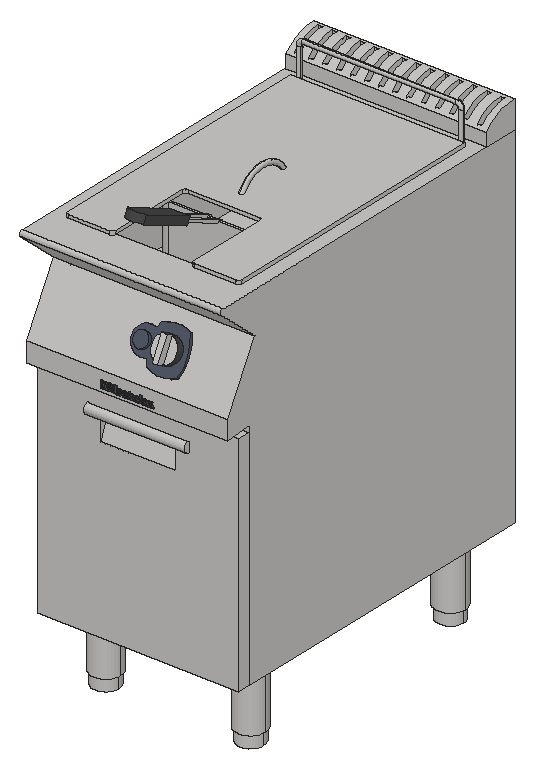
Revit family "QF_ELECTROLUXPROFESSIONAL_371070_E7FRGD1GF0", category Specialty Equipment, Revit 2018
Family settings
  Round Connector Dimension = Use Diameter
  Part Type = Normal
  Work Plane-Based = No
  Always vertical = Yes
  Cut with Voids When Loaded = No
  Shared = No
  Room Calculation Point = No
Parameters
  Width = 400 mm  # constant formula
  Weight in Pounds = 121  # constant formula
  Watts = 0 W
  URL Cutsheet = "www.electrolux.com/foodservice"
  URL = "www.electrolux.com/foodservice"
  Type Mark [instance] = ""
  Status [instance] = ""
  Specification by User [instance] = ""
  Specification by Manufacturer = ""
  Show Logo [instance] = yes
  Show Clearance [instance] = yes
  Serial Number = ""
  Seismic Rating = ""
  SMACNA No = ""
  Revision Code [instance] = ""
  Omniclass Number and Title = ""
  NAFEM Spec ID Number = ""
  Model = "371070"
  Mechanical Remarks [instance] = ""
  Mechanical Connection Type [instance] = ""
  Masterspec = ""
  Manufacturer = "ELECTROLUX"
  Item Number [instance] = ""
  Installed By [instance] = ""
  Identify Quantity as Lot [instance] = yes
  Height = 333 mm  # constant formula
  HP = "0 HP"
  Gas Size = 12.7 mm  # 1/2"
  Gas RI Height [instance] = 0 mm
  Gas KW [instance] = 14  # constant formula
  Gas Input [instance] = 13987.1 VA  # 47726.0 Btu/h
  Gas Connection Height = 0 mm
  Furnished By [instance] = ""
  Foodservice Equipment Identifier [instance] = yes
  Direct Waste Size = 0"
  Description = "700XP One 15 Lt. Wells Freestanding Gas Fryer - LPG/Natural Gas"
  Depth = 730 mm  # constant formula
  CSI MasterFormat = ""
  CSI Master Format = ""
  Base Height [instance] = 150 mm  # constant formula
Reference planes
  plane 1 "BACK": y = 0
  plane 2: z = 0
  plane 3 "LEFT": x = 0
  plane 4 "RIGHT": x = 400
  plane 5 "FRONT": y = -730
  plane 6 "TOP": z = 905.238
  plane 7 "Center Y": x = 200
  plane 8 "Center X": y = -365
  plane 9 "BASE": z = 601
  plane 10 "TOP A": z = 850.238
  plane 11: y = -587.387
  plane 12: y = -90
  plane 13: z = 150
Forms (mm)
  Extrusion 1, solid, material "QF_Finishes_Stainless Steel"
    sketch origin (0, 0, 0) x (0, 1, 0) y (0, 0, 1)
      loop
        line (0, 850.237) -> (-725.027, 850.237)
        arc (-725.027, 850.237) -> (-730.893, 846.318) -> (-729.517, 839.397) r 6.35
        line (-729.517, 839.397) -> (-646.919, 767.047) -> (-713.522, 646.19) -> (-713.522, 608.09) -> (-660.15, 613.7) -> (-660.15, 150) -> (0, 150) -> (0, 850.237)
      loop
        line (-687.137, 601) -> (-687.137, 150) -> (-661.737, 150) -> (-661.737, 601) -> (-687.137, 601)
    from 0 to 400
  Extrusion 2, solid, material "QF_Finishes_Stainless Steel"
    sketch origin (0, 0, 0) x (0, 1, 0) y (0, 0, 1)
      loop
        line (0, 850.238) -> (0, 905.237)
        arc (0, 905.237) -> (-38.078, 897.879) -> (-69.85, 875.637) r 93.057
        line (-69.85, 875.637) -> (-69.85, 850.238) -> (0, 850.238)
    from 0 to 400
  Extrusion 3, void
    sketch origin (0, 0, 850.238) x (-1, 0, 0) y (0, -1, 0)
      loop
        line (-33.338, 90.124) -> (-33.338, 645.265) -> (-366.662, 645.265) -> (-366.662, 90.124) -> (-33.338, 90.124)
    from 0 to -152.4
  Extrusion 4, solid, material "QF_Finishes_Stainless Steel"
    sketch origin (0, 0, 850.238) x (-1, 0, 0) y (0, -1, 0)
      loop
        arc (-26.988, 645.265) -> (-28.847, 649.755) -> (-33.338, 651.615) r 6.35
        line (-33.338, 651.615) -> (-115.863, 651.615)
        arc (-115.863, 651.615) -> (-120.353, 649.755) -> (-122.213, 645.265) r 6.35
        line (-122.213, 645.265) -> (-122.213, 481.012)
        arc (-122.213, 481.012) -> (-124.072, 476.521) -> (-128.563, 474.662) r 6.35
        line (-128.563, 474.662) -> (-271.437, 474.662)
        arc (-271.437, 474.662) -> (-275.928, 476.521) -> (-277.787, 481.012) r 6.35
        line (-277.787, 481.012) -> (-277.787, 645.29)
        arc (-277.787, 645.29) -> (-279.64, 649.762) -> (-284.113, 651.615) r 6.325
        line (-284.113, 651.615) -> (-366.663, 651.615)
        arc (-366.663, 651.615) -> (-371.153, 649.755) -> (-373.013, 645.265) r 6.35
        line (-373.013, 645.265) -> (-373.013, 90.124) -> (-26.988, 90.124) -> (-26.988, 645.265)
    from 0 to 6.35
  Sweep 5, solid, material "QF_Finishes_Stainless Steel"
    path origin (200, 0, 0) x (0, 1, 0) y (0, 0, 1)
      loop
        arc (-323.261, 850.238) -> (-377.7, 884.016) -> (-432.139, 850.238) r 60.757
    profile origin (200, -377.7, 884.016) x (0, 0, -1) y (1, 0, 0)
      loop
        circle (0, 0) r 4.353
  Sweep 6, solid, material "QF_Finishes_Stainless Steel"
    path origin (0, 0, 0) x (1, 0, 0) y (0, 0, 1)
      loop
        line (39.688, 846.5) -> (39.688, 911.588)
        arc (39.688, 911.588) -> (41.547, 916.078) -> (46.038, 917.938) r 6.35
        line (46.038, 917.938) -> (352.225, 917.938)
        arc (352.225, 917.938) -> (356.715, 916.078) -> (358.575, 911.588) r 6.35
        line (358.575, 911.588) -> (358.575, 846.5)
    profile origin (39.688, 0, 879.044) x (-1, 0, 0) y (0, -1, 0)
      loop
        circle (2.09, 83.254) r 3.827
  Extrusion 7, void
    sketch origin (0, 0, 850.238) x (-1, 0, 0) y (0, -1, 0)
      loop
        line (-13.453, 6.761) -> (-13.453, 63.911) -> (-22.749, 63.911) -> (-22.749, 6.761) -> (-13.453, 6.761)
    from 25.4 to 63.5
  Extrusion 8, void
    sketch origin (400.05, 0, 850.237) x (1, 0, 0) y (0, 1, 0)
      loop
        line (-13.503, -6.761) -> (-22.799, -6.761) -> (-22.799, -63.911) -> (-13.503, -63.911) -> (-13.503, -6.761)
    from 25.4 to 63.5
  Extrusion 9, void
    sketch origin (27.988, 0, 850.238) x (-1, 0, 0) y (0, -1, 0)
      loop
        line (-13.453, 6.761) -> (-13.453, 63.911) -> (-22.749, 63.911) -> (-22.749, 6.761) -> (-13.453, 6.761)
    from 25.4 to 63.5
  Extrusion 10, void
    sketch origin (55.977, 0, 850.238) x (-1, 0, 0) y (0, -1, 0)
      loop
        line (-13.453, 6.761) -> (-13.453, 63.911) -> (-22.749, 63.911) -> (-22.749, 6.761) -> (-13.453, 6.761)
    from 25.4 to 63.5
  Extrusion 11, void
    sketch origin (83.965, 0, 850.238) x (-1, 0, 0) y (0, -1, 0)
      loop
        line (-13.428, 6.761) -> (-13.428, 63.911) -> (-22.724, 63.911) -> (-22.724, 6.761) -> (-13.428, 6.761)
    from 25.4 to 63.5
  Extrusion 12, void
    sketch origin (111.953, 0, 850.237) x (-1, 0, 0) y (0, -1, 0)
      loop
        line (-13.428, 6.761) -> (-13.428, 63.911) -> (-22.724, 63.911) -> (-22.724, 6.761) -> (-13.428, 6.761)
    from 25.4 to 63.5
  Extrusion 13, void
    sketch origin (139.942, 0, 850.237) x (-1, 0, 0) y (0, -1, 0)
      loop
        line (-13.428, 6.761) -> (-13.428, 63.911) -> (-22.724, 63.911) -> (-22.724, 6.761) -> (-13.428, 6.761)
    from 25.4 to 63.5
  Extrusion 14, void
    sketch origin (167.93, 0, 850.237) x (-1, 0, 0) y (0, -1, 0)
      loop
        line (-13.428, 6.761) -> (-13.428, 63.911) -> (-22.724, 63.911) -> (-22.724, 6.761) -> (-13.428, 6.761)
    from 25.4 to 63.5
  Extrusion 15, void
    sketch origin (195.918, 0, 850.237) x (-1, 0, 0) y (0, -1, 0)
      loop
        line (-13.428, 6.761) -> (-13.428, 63.911) -> (-22.724, 63.911) -> (-22.724, 6.761) -> (-13.428, 6.761)
    from 25.4 to 63.5
  Extrusion 16, void
    sketch origin (223.907, 0, 850.237) x (-1, 0, 0) y (0, -1, 0)
      loop
        line (-13.428, 6.761) -> (-13.428, 63.911) -> (-22.724, 63.911) -> (-22.724, 6.761) -> (-13.428, 6.761)
    from 25.4 to 63.5
  Extrusion 17, void
    sketch origin (251.895, 0, 850.237) x (-1, 0, 0) y (0, -1, 0)
      loop
        line (-13.428, 6.761) -> (-13.428, 63.911) -> (-22.724, 63.911) -> (-22.724, 6.761) -> (-13.428, 6.761)
    from 25.4 to 63.5
  Extrusion 18, void
    sketch origin (279.884, 0, 850.237) x (-1, 0, 0) y (0, -1, 0)
      loop
        line (-13.403, 6.761) -> (-13.403, 63.911) -> (-22.699, 63.911) -> (-22.699, 6.761) -> (-13.403, 6.761)
    from 25.4 to 63.5
  Extrusion 19, void
    sketch origin (307.872, 0, 850.237) x (-1, 0, 0) y (0, -1, 0)
      loop
        line (-13.403, 6.761) -> (-13.403, 63.911) -> (-22.699, 63.911) -> (-22.699, 6.761) -> (-13.403, 6.761)
    from 25.4 to 63.5
  Extrusion 20, void
    sketch origin (335.86, 0, 850.237) x (-1, 0, 0) y (0, -1, 0)
      loop
        line (-13.403, 6.761) -> (-13.403, 63.911) -> (-22.699, 63.911) -> (-22.699, 6.761) -> (-13.403, 6.761)
    from 25.4 to 63.5
  Extrusion 21, solid, material "QF_Finishes_Navy Blue"
    sketch origin (97.175, -713.522, 646.19) x (0, 0.482654, 0.875811) y (-1, 0, 0)
      loop
        arc (105.947, -132.617) -> (100.966, -130.409) -> (95.863, -128.501) r 91.844
        line (95.863, -128.501) -> (95.863, -113.213)
        arc (95.863, -113.213) -> (69.246, -86.596) -> (42.629, -113.213) r 26.617
        line (42.629, -113.213) -> (42.629, -126.69)
        arc (42.629, -126.69) -> (36.919, -128.411) -> (31.333, -130.498) r 91.844
        arc (31.333, -130.498) -> (24.206, -161.14) -> (31.333, -191.783) r 69.441
        arc (31.333, -191.783) -> (68.854, -198.494) -> (105.947, -189.715) r 93.759
        arc (105.947, -189.715) -> (112.176, -161.166) -> (105.947, -132.617) r 68.543
    from 0 to 3.175
  Extrusion 22, solid, material "QF_Finishes_Stainless Steel"
    sketch origin (97.175, -716.303, 647.723) x (0, 0.482654, 0.875811) y (-1, 0, 0)
      loop
        circle (68.826, -160.963) r 25.4
    from 0 to 12.7
  Extrusion 23, solid, material "QF_Finishes_Stainless Steel"
    sketch origin (97.175, -727.425, 653.853) x (0, 0.482654, 0.875811) y (-1, 0, 0)
      loop
        arc (93.558, -166.749) -> (94.226, -160.963) -> (93.558, -155.177) r 25.4
        line (93.558, -155.177) -> (44.094, -155.177)
        arc (44.094, -155.177) -> (43.426, -160.963) -> (44.094, -166.749) r 25.4
        line (44.094, -166.749) -> (93.558, -166.749)
    from 0 to 12.7
  Extrusion 24, solid, material "QF_Finishes_Clearance", visible <- "Show Clearance", detail levels coarse
    sketch origin (0, 0, 0) x (1, 0, 0) y (0, 1, 0)
      loop
        line (0, -731.377) -> (0, 0) -> (400, 0) -> (400, -731.377) -> (550.019, -731.377) -> (550.019, 150.019) -> (-150.019, 150.019) -> (-150.019, -731.377) -> (0, -731.377)
    from 0 to 905.237
  Extrusion 25, solid, material "QF_Finishes_Black"
    sketch origin (265.962, -698.333, 942.26) x (0, 0.906308, -0.422618) y (-1, 0, 0)
      loop
        line (10.103, 47.345) -> (128.716, 47.345) -> (128.716, 84.58) -> (10.103, 84.58)
        arc (10.103, 84.58) -> (-0.124, 65.962) -> (10.103, 47.345) r 22.059
    from -15.884 to 0
  Extrusion 26, solid, material "QF_Finishes_Stainless Steel"
    sketch origin (265.962, 41.275, 0) x (0, 1, 0) y (0, 0, 1)
      loop
        line (-537.413, 741.238) -> (-537.413, 842.715) -> (-624.966, 883.542) -> (-627.65, 877.787) -> (-543.763, 838.67) -> (-543.763, 741.238) -> (-537.413, 741.238)
    from -80.476 to -74.619
  Extrusion 27, solid, material "QF_Finishes_Stainless Steel"
    sketch origin (134.088, 41.275, 0) x (0, 1, 0) y (0, 0, -1)
      loop
        line (-543.763, -838.67) -> (-627.65, -877.787) -> (-624.966, -883.542) -> (-537.413, -842.715) -> (-537.413, -741.238) -> (-543.763, -741.238) -> (-543.763, -838.67)
    from -80.476 to -74.619
  Extrusion 28, solid, material "QF_Finishes_Mesh"
    sketch origin (0, 0, 850.238) x (-1, 0, 0) y (0, -1, 0)
      loop
        arc (-116.6, 131.498) -> (-98.64, 138.937) -> (-91.2, 156.898) r 25.4
        line (-91.2, 156.898) -> (-91.2, 481.235)
        arc (-91.2, 481.235) -> (-98.64, 499.196) -> (-116.6, 506.635) r 25.4
        line (-116.6, 506.635) -> (-294.375, 506.635)
        arc (-294.375, 506.635) -> (-312.336, 499.196) -> (-319.775, 481.235) r 25.4
        line (-319.775, 481.235) -> (-319.775, 156.898)
        arc (-319.775, 156.898) -> (-312.336, 138.937) -> (-294.375, 131.498) r 25.4
        line (-294.375, 131.498) -> (-116.6, 131.498)
      loop
        arc (-116.6, 134.673) -> (-100.885, 141.182) -> (-94.375, 156.898) r 22.225
        line (-94.375, 156.898) -> (-94.375, 481.235)
        arc (-94.375, 481.235) -> (-100.885, 496.951) -> (-116.6, 503.46) r 22.225
        line (-116.6, 503.46) -> (-294.375, 503.46)
        arc (-294.375, 503.46) -> (-310.091, 496.951) -> (-316.6, 481.235) r 22.225
        line (-316.6, 481.235) -> (-316.6, 156.898)
        arc (-316.6, 156.898) -> (-310.091, 141.182) -> (-294.375, 134.673) r 22.225
        line (-294.375, 134.673) -> (-116.6, 134.673)
    from -109 to -5.315
  Revolve 29, solid, material "QF_Finishes_Stainless Steel"
    sketch origin (0, -587.387, 608.09) x (0, 0, 1) y (-1, 0, 0)
      loop
        line (-608.09, -56) -> (-458.09, -56) -> (-458.09, -26) -> (-583.09, -26) -> (-583.09, -29.75) -> (-608.09, -29.75) -> (-608.09, -56)
      axis (-608.09, -56) -> (-458.09, -56)
    angle from 0 to 360
  Revolve 30, solid, material "QF_Finishes_Stainless Steel"
    sketch origin (400.05, -587.387, 608.09) x (0, 0, 1) y (-1, 0, 0)
      loop
        line (-608.09, 56.05) -> (-608.09, 29.8) -> (-583.09, 29.8) -> (-583.09, 26.05) -> (-458.09, 26.05) -> (-458.09, 56.05) -> (-608.09, 56.05)
      axis (-608.09, 56.05) -> (-458.09, 56.05)
    angle from 0 to 360
  Revolve 31, solid, material "QF_Finishes_Stainless Steel"
    sketch origin (0, -90, 608.09) x (0, 0, 1) y (-1, 0, 0)
      loop
        line (-608.09, -56) -> (-458.09, -56) -> (-458.09, -26) -> (-583.09, -26) -> (-583.09, -29.75) -> (-608.09, -29.75) -> (-608.09, -56)
      axis (-608.09, -56) -> (-458.09, -56)
    angle from 0 to 360
  Revolve 32, solid, material "QF_Finishes_Stainless Steel"
    sketch origin (400.05, -90, 608.09) x (0, 0, 1) y (-1, 0, 0)
      loop
        line (-608.09, 56.05) -> (-608.09, 29.8) -> (-583.09, 29.8) -> (-583.09, 26.05) -> (-458.09, 26.05) -> (-458.09, 56.05) -> (-608.09, 56.05)
      axis (-608.09, 56.05) -> (-458.09, 56.05)
    angle from 0 to 360
  Extrusion 33, void
    sketch origin (200, 0, 0) x (0, 1, 0) y (0, 0, 1)
      loop
        line (-687.137, 541) -> (-687.137, 499.788) -> (-672.137, 541) -> (-687.137, 541)
    from -75 to 75
  Extrusion 34, solid, material "QF_Finishes_Stainless Steel"
    sketch origin (200, 0, 0) x (0, 1, 0) y (0, 0, 1)
      loop
        line (-687.137, 541) -> (-687.137, 561)
        arc (-687.137, 561) -> (-697.137, 551) -> (-687.137, 541) r 10
    from -100 to 100
  Extrusion 35, solid, material "QF_Finishes_Door Clearance", visible <- "Show Clearance", detail levels coarse
    sketch origin (0, 0, 850.238) x (-1, 0, 0) y (0, -1, 0)
      loop
        arc (0, 687.137) -> (-117.157, 969.98) -> (-400, 1087.137) r 400
        line (-400, 1087.137) -> (-400, 687.137) -> (0, 687.137)
    from -700.237 to -249.237
  Extrusion 36, solid, material "QF_Finishes_Stainless Steel"
    sketch origin (-77.88, -4572, 150) x (-1, 0, 0) y (0, -1, 0)
      loop
        circle (-425.88, -4067) r 6.35
    from 0 to -12.7
  Extrusion 37, solid, material "QF_Finishes_Navy Blue"
    sketch origin (52.175, -716.303, 647.723) x (0, 0.482654, 0.875811) y (-1, 0, 0)
      loop
        circle (68.826, -154.713) r 15
    from 0 to 6.4
  Extrusion 38, solid, material "QF_Finishes_Navy Blue", visible <- "Show Logo"
    sketch origin (-140, -713.772, 608.09) x (0, 0, 1) y (-1, 0, 0)
      loop
        line (20.674, -296.698) -> (8.307, -296.698)
        arc (8.307, -296.698) -> (14.491, -301.27) -> (20.674, -296.698) r 6.467
      loop
        arc (20.674, -296.069) -> (19.505, -290.926) -> (14.849, -288.448) r 6.338
        line (14.849, -288.448) -> (14.849, -290.494)
        arc (14.849, -290.494) -> (16.333, -294.149) -> (19.778, -296.069) r 5.941
        line (19.778, -296.069) -> (20.674, -296.069)
      loop
        arc (9.203, -296.069) -> (12.648, -294.149) -> (14.132, -290.494) r 5.941
        line (14.132, -290.494) -> (14.132, -288.448)
        arc (14.132, -288.448) -> (9.438, -290.922) -> (8.148, -296.069) r 6.504
        line (8.148, -296.069) -> (9.203, -296.069)
      loop
        line (21.349, -287.979) -> (7.604, -287.979) -> (7.604, -301.742) -> (21.349, -301.742) -> (21.349, -287.979)
      loop
        arc (21.432, -304.71) -> (21.085, -304.352) -> (20.718, -304.69) r 0.358
        arc (20.718, -304.69) -> (20.404, -305.44) -> (19.687, -305.825) r 1.216
        line (19.687, -305.825) -> (9.274, -305.825)
        arc (9.274, -305.825) -> (8.614, -305.548) -> (8.218, -304.951) r 1.238
        arc (8.218, -304.951) -> (7.823, -304.7) -> (7.518, -305.054) r 0.358
        line (7.518, -305.054) -> (7.518, -314.933) -> (10.269, -314.933) -> (10.269, -314.036)
        arc (10.269, -314.036) -> (9.36, -313.456) -> (8.904, -312.479) r 1.928
        line (8.904, -312.479) -> (8.904, -309.98)
        arc (8.904, -309.98) -> (9.18, -309.251) -> (9.868, -308.887) r 1.101
        line (9.868, -308.887) -> (13.955, -308.887) -> (13.955, -312.561)
        arc (13.955, -312.561) -> (13.602, -313.058) -> (13.037, -313.286) r 1.083
        arc (13.037, -313.286) -> (12.773, -313.591) -> (13.065, -313.869) r 0.292
        line (13.065, -313.869) -> (16.028, -313.869)
        arc (16.028, -313.869) -> (16.33, -313.596) -> (16.092, -313.266) r 0.305
        arc (16.092, -313.266) -> (15.601, -313.018) -> (15.296, -312.561) r 1.083
        line (15.296, -312.561) -> (15.296, -308.887) -> (19.973, -308.887) -> (19.973, -312.635)
        arc (19.973, -312.635) -> (19.759, -313.39) -> (19.153, -313.888) r 1.314
        arc (19.153, -313.888) -> (18.934, -314.292) -> (19.288, -314.585) r 0.361
        line (19.288, -314.585) -> (21.432, -314.585) -> (21.432, -304.71)
      loop
        arc (20.715, -315.365) -> (20.335, -316.284) -> (19.416, -316.664) r 1.299
        line (19.416, -316.664) -> (9.837, -316.664)
        arc (9.837, -316.664) -> (8.999, -316.286) -> (8.728, -315.408) r 1.118
        line (8.728, -315.408) -> (7.518, -315.408) -> (7.518, -320.758) -> (8.706, -320.758)
        arc (8.706, -320.758) -> (8.978, -319.841) -> (9.848, -319.445) r 1.153
        line (9.848, -319.445) -> (21.92, -319.445) -> (20.715, -315.365)
      loop
        line (12.483, -323.394) -> (12.483, -329.842) -> (13.282, -329.842)
        arc (13.282, -329.842) -> (15.862, -328.857) -> (17.131, -326.404) r 3.874
        line (17.131, -326.404) -> (17.131, -324.643)
        arc (17.131, -324.643) -> (15.944, -321.778) -> (13.08, -320.592) r 4.051
        line (13.08, -320.592) -> (11.072, -320.592)
        arc (11.072, -320.592) -> (8.253, -322.077) -> (7.202, -325.084) r 4.352
        arc (7.202, -325.084) -> (7.566, -327.547) -> (8.943, -329.621) r 5.713
        line (8.943, -329.621) -> (9.892, -329.621)
        arc (9.892, -329.621) -> (9.16, -328.052) -> (8.943, -326.334) r 5.579
        arc (8.943, -326.334) -> (9.737, -324.371) -> (11.616, -323.394) r 3.057
        line (11.616, -323.394) -> (12.483, -323.394)
      loop
        line (13.742, -323.394) -> (13.742, -326.977)
        arc (13.742, -326.977) -> (15.199, -327.024) -> (16.082, -325.864) r 1.59
        line (16.082, -325.864) -> (16.082, -325.034)
        arc (16.082, -325.034) -> (15.217, -323.779) -> (13.742, -323.394) r 2.184
      loop
        arc (16.533, -339.259) -> (17.022, -337.585) -> (17.179, -335.848) r 9.023
        line (17.179, -335.848) -> (17.179, -334.486)
        arc (17.179, -334.486) -> (16.02, -331.686) -> (13.22, -330.527) r 3.959
        line (13.22, -330.527) -> (10.62, -330.527)
        arc (10.62, -330.527) -> (8.338, -331.819) -> (7.221, -334.192) r 4.331
        line (7.221, -334.192) -> (7.221, -336.327)
        arc (7.221, -336.327) -> (7.729, -337.877) -> (8.651, -339.223) r 5.772
        arc (8.651, -339.223) -> (9.412, -339.274) -> (9.499, -338.515) r 0.553
        arc (9.499, -338.515) -> (9.111, -337.781) -> (8.977, -336.962) r 2.573
        line (8.977, -336.962) -> (8.977, -335.447)
        arc (8.977, -335.447) -> (9.983, -333.806) -> (11.798, -333.163) r 2.884
        line (11.798, -333.163) -> (13.077, -333.163)
        arc (13.077, -333.163) -> (14.898, -333.723) -> (15.824, -335.388) r 2.554
        line (15.824, -335.388) -> (15.824, -336.441)
        arc (15.824, -336.441) -> (15.493, -337.369) -> (14.836, -338.104) r 2.564
        arc (14.836, -338.104) -> (14.614, -338.821) -> (15.223, -339.259) r 0.643
        line (15.223, -339.259) -> (16.533, -339.259)
      loop
        line (15.515, -339.53) -> (15.515, -341.031) -> (9.467, -341.031)
        arc (9.467, -341.031) -> (7.879, -341.688) -> (7.221, -343.276) r 2.246
        line (7.221, -343.276) -> (7.221, -344.86)
        arc (7.221, -344.86) -> (7.535, -345.725) -> (8.035, -346.496) r 4.06
        arc (8.035, -346.496) -> (8.768, -346.629) -> (9.019, -345.928) r 0.576
        arc (9.019, -345.928) -> (8.913, -345.403) -> (8.977, -344.87) r 1.69
        arc (8.977, -344.87) -> (9.519, -344.082) -> (10.425, -343.779) r 1.506
        line (10.425, -343.779) -> (15.563, -343.779) -> (15.563, -346.176) -> (16.119, -346.733) -> (16.941, -346.733) -> (16.941, -343.873) -> (20.172, -343.873) -> (15.515, -339.53)
      loop
        line (7.438, -347.63) -> (7.438, -353.017) -> (8.548, -353.017)
        arc (8.548, -353.017) -> (8.942, -352.066) -> (9.893, -351.672) r 1.345
        line (9.893, -351.672) -> (13.509, -351.672)
        arc (13.509, -351.672) -> (14.274, -352.264) -> (14.564, -353.186) r 1.615
        line (14.564, -353.186) -> (14.564, -354.742) -> (17.119, -355.427) -> (17.119, -354.044) -> (15.177, -351.485) -> (17.057, -351.485) -> (16.773, -348.779)
        arc (16.773, -348.779) -> (16.333, -348.249) -> (15.674, -348.45) r 0.621
        arc (15.674, -348.45) -> (15.274, -348.792) -> (14.78, -348.975) r 1.501
        line (14.78, -348.975) -> (9.893, -348.975)
        arc (9.893, -348.975) -> (8.942, -348.581) -> (8.548, -347.63) r 1.345
        line (8.548, -347.63) -> (7.438, -347.63)
      loop
        line (13.54, -354.964) -> (10.848, -354.964)
        arc (10.848, -354.964) -> (8.403, -356.272) -> (7.269, -358.803) r 4.288
        arc (7.269, -358.803) -> (7.205, -360.183) -> (7.269, -361.563) r 15.022
        arc (7.269, -361.563) -> (8.403, -364.094) -> (10.848, -365.401) r 4.288
        line (10.848, -365.401) -> (13.54, -365.401)
        arc (13.54, -365.401) -> (15.986, -364.094) -> (17.119, -361.563) r 4.288
        arc (17.119, -361.563) -> (17.183, -360.183) -> (17.119, -358.803) r 15.022
        arc (17.119, -358.803) -> (15.986, -356.272) -> (13.54, -354.964) r 4.288
      loop
        line (13.745, -358.078) -> (10.643, -358.078)
        arc (10.643, -358.078) -> (8.486, -360.235) -> (10.643, -362.392) r 2.157
        line (10.643, -362.392) -> (13.745, -362.392)
        arc (13.745, -362.392) -> (15.902, -360.235) -> (13.745, -358.078) r 2.157
      loop
        arc (20.726, -365.26) -> (20.355, -366.154) -> (19.461, -366.524) r 1.264
        line (19.461, -366.524) -> (9.597, -366.524)
        arc (9.597, -366.524) -> (8.727, -366.127) -> (8.455, -365.211) r 1.153
        line (8.455, -365.211) -> (7.518, -365.211) -> (7.518, -370.319) -> (8.446, -370.319)
        arc (8.446, -370.319) -> (8.805, -369.547) -> (9.597, -369.232) r 1.153
        line (9.597, -369.232) -> (21.92, -369.232) -> (20.726, -365.26)
      loop
        arc (15.846, -369.857) -> (15.647, -370.921) -> (14.678, -371.403) r 1.215
        line (14.678, -371.403) -> (9.658, -371.403)
        arc (9.658, -371.403) -> (8.043, -372.051) -> (7.322, -373.634) r 2.338
        line (7.322, -373.634) -> (7.322, -375.148)
        arc (7.322, -375.148) -> (7.497, -376.152) -> (7.999, -377.038) r 2.979
        line (7.999, -377.038) -> (7.518, -378.835) -> (7.518, -380.524) -> (16.943, -380.524) -> (16.649, -376.32) -> (15.863, -376.32)
        arc (15.863, -376.32) -> (15.507, -377.156) -> (14.755, -377.665) r 1.605
        line (14.755, -377.665) -> (9.652, -377.665)
        arc (9.652, -377.665) -> (9.232, -376.728) -> (9.159, -375.704) r 2.94
        arc (9.159, -375.704) -> (9.72, -374.603) -> (10.873, -374.16) r 1.724
        line (10.873, -374.16) -> (17.07, -374.16) -> (15.846, -369.857)
      loop
        line (16.874, -381.377) -> (15.202, -383.423) -> (12.028, -385.729) -> (8.572, -382.617)
        arc (8.572, -382.617) -> (8.335, -382.223) -> (8.357, -381.764) r 0.789
        line (8.357, -381.764) -> (7.518, -381.764) -> (7.518, -385.309) -> (8.344, -385.309)
        arc (8.344, -385.309) -> (8.686, -384.947) -> (9.176, -385.039) r 0.52
        line (9.176, -385.039) -> (10.976, -386.51) -> (8.858, -387.886)
        arc (8.858, -387.886) -> (8.457, -387.576) -> (8.37, -387.076) r 0.7
        line (8.37, -387.076) -> (7.518, -387.076) -> (7.518, -393.003) -> (8.405, -393.003)
        arc (8.405, -393.003) -> (8.472, -392.344) -> (8.866, -391.813) r 1.247
        line (8.866, -391.813) -> (13.066, -388.532) -> (15.513, -390.585) -> (16.874, -392.327) -> (16.874, -388.604) -> (15.389, -389.026) -> (13.868, -387.749) -> (15.568, -386.559) -> (16.874, -387.336) -> (16.874, -381.377)
    from 0 to 1.644
Cuts and joins
  Extrusion 3, Extrusion 7, Extrusion 33 cuts Extrusion 1
  joined: Extrusion 4, Sweep 5
  Extrusion 7, Extrusion 8, Extrusion 9, Extrusion 10, Extrusion 11, Extrusion 12, Extrusion 13, Extrusion 14, Extrusion 15, Extrusion 16, Extrusion 17, Extrusion 18, Extrusion 19, Extrusion 20 cuts Extrusion 2
  joined: Extrusion 22, Extrusion 23
  Extrusion 33 cuts Extrusion 24
Lines and regions (mm)
  symbolic lines, style "QF-Clearances", visible <- "Show Clearance", detail levels coarse
    curve 1: line (-150.019, 150.019, 850.238) -> (-150.019, -731.377, 850.238)
    curve 2: line (550.019, 150.019, 850.237) -> (-150.019, 150.019, 850.238)
    curve 3: line (550.019, -731.377, 850.237) -> (550.019, 150.019, 850.237)
  symbolic lines
    curve 4: line (0, 0, 850.238) -> (400, 0, 850.237)
    curve 5: line (0, -730, 850.238) -> (0, 0, 850.238)
    curve 6: line (400, 0, 850.237) -> (400, -730, 850.237)
    curve 7: line (22.724, -6.761, 850.238) -> (22.724, -63.911, 850.238)
    curve 8: line (22.724, -63.911, 850.238) -> (13.428, -63.911, 850.238)
    curve 9: line (13.428, -63.911, 850.238) -> (13.428, -6.761, 850.238)
    curve 10: line (13.428, -6.761, 850.238) -> (22.724, -6.761, 850.238)
    curve 11: line (386.547, -6.761, 850.237) -> (386.547, -63.911, 850.237)
    curve 12: line (386.547, -63.911, 850.237) -> (377.251, -63.911, 850.237)
    curve 13: line (377.251, -63.911, 850.237) -> (377.251, -6.761, 850.237)
    curve 14: line (377.251, -6.761, 850.237) -> (386.547, -6.761, 850.237)
    curve 15: line (50.712, -6.761, 850.238) -> (50.712, -63.911, 850.238)
    curve 16: line (50.712, -63.911, 850.238) -> (41.416, -63.911, 850.238)
    curve 17: line (41.416, -63.911, 850.238) -> (41.416, -6.761, 850.238)
    curve 18: line (41.416, -6.761, 850.238) -> (50.712, -6.761, 850.238)
    curve 19: line (78.7, -6.761, 850.238) -> (78.7, -63.911, 850.238)
    curve 20: line (78.7, -63.911, 850.238) -> (69.405, -63.911, 850.238)
    curve 21: line (69.405, -63.911, 850.238) -> (69.405, -6.761, 850.238)
    curve 22: line (69.405, -6.761, 850.238) -> (78.7, -6.761, 850.238)
    curve 23: line (106.689, -6.761, 850.237) -> (106.689, -63.911, 850.237)
    curve 24: line (106.689, -63.911, 850.237) -> (97.393, -63.911, 850.238)
    curve 25: line (97.393, -63.911, 850.238) -> (97.393, -6.761, 850.238)
    curve 26: line (97.393, -6.761, 850.238) -> (106.689, -6.761, 850.237)
    curve 27: line (134.677, -6.761, 850.237) -> (134.677, -63.911, 850.237)
    curve 28: line (134.677, -63.911, 850.237) -> (125.381, -63.911, 850.237)
    curve 29: line (125.381, -63.911, 850.237) -> (125.381, -6.761, 850.237)
    curve 30: line (125.381, -6.761, 850.237) -> (134.677, -6.761, 850.237)
    curve 31: line (162.665, -6.761, 850.237) -> (162.665, -63.911, 850.237)
    curve 32: line (162.665, -63.911, 850.237) -> (153.37, -63.911, 850.237)
    curve 33: line (153.37, -63.911, 850.237) -> (153.37, -6.761, 850.237)
    curve 34: line (153.37, -6.761, 850.237) -> (162.665, -6.761, 850.237)
    curve 35: line (190.654, -6.761, 850.237) -> (190.654, -63.911, 850.237)
    curve 36: line (190.654, -63.911, 850.237) -> (181.358, -63.911, 850.237)
    curve 37: line (181.358, -63.911, 850.237) -> (181.358, -6.761, 850.237)
    curve 38: line (181.358, -6.761, 850.237) -> (190.654, -6.761, 850.237)
    curve 39: line (218.642, -6.761, 850.237) -> (218.642, -63.911, 850.237)
    curve 40: line (218.642, -63.911, 850.237) -> (209.346, -63.911, 850.237)
    curve 41: line (209.346, -63.911, 850.237) -> (209.346, -6.761, 850.237)
    curve 42: line (209.346, -6.761, 850.237) -> (218.642, -6.761, 850.237)
    curve 43: line (246.605, -6.761, 850.237) -> (246.605, -63.911, 850.237)
    curve 44: line (246.605, -63.911, 850.237) -> (237.31, -63.911, 850.237)
    curve 45: line (237.31, -63.911, 850.237) -> (237.31, -6.761, 850.237)
    curve 46: line (237.31, -6.761, 850.237) -> (246.605, -6.761, 850.237)
    curve 47: line (274.594, -6.761, 850.237) -> (274.594, -63.911, 850.237)
    curve 48: line (274.594, -63.911, 850.237) -> (265.298, -63.911, 850.237)
    curve 49: line (265.298, -63.911, 850.237) -> (265.298, -6.761, 850.237)
    curve 50: line (265.298, -6.761, 850.237) -> (274.594, -6.761, 850.237)
    curve 51: line (302.582, -6.761, 850.237) -> (302.582, -63.911, 850.237)
    curve 52: line (302.582, -63.911, 850.237) -> (293.286, -63.911, 850.237)
    curve 53: line (293.286, -63.911, 850.237) -> (293.286, -6.761, 850.237)
    curve 54: line (293.286, -6.761, 850.237) -> (302.582, -6.761, 850.237)
    curve 55: line (330.57, -6.761, 850.237) -> (330.57, -63.911, 850.237)
    curve 56: line (330.57, -63.911, 850.237) -> (321.275, -63.911, 850.237)
    curve 57: line (321.275, -63.911, 850.237) -> (321.275, -6.761, 850.237)
    curve 58: line (321.275, -6.761, 850.237) -> (330.57, -6.761, 850.237)
    curve 59: line (358.559, -6.761, 850.237) -> (358.559, -63.911, 850.237)
    curve 60: line (358.559, -63.911, 850.237) -> (349.263, -63.911, 850.237)
    curve 61: line (349.263, -63.911, 850.237) -> (349.263, -6.761, 850.237)
    curve 62: line (349.263, -6.761, 850.237) -> (358.559, -6.761, 850.237)
    curve 63: line (26.988, -90.124, 850.238) -> (26.988, -645.265, 850.238)
    curve 64: arc (26.988, -645.265, 850.238) -> (28.847, -649.755, 850.238) -> (33.338, -651.615, 850.238) r 6.35
    curve 65: line (33.338, -651.615, 850.238) -> (115.863, -651.615, 850.237)
    curve 66: arc (115.863, -651.615, 850.237) -> (120.353, -649.755, 850.237) -> (122.213, -645.265, 850.237) r 6.35
    curve 67: line (122.213, -645.265, 850.237) -> (122.213, -481.012, 850.237)
    curve 68: arc (122.213, -481.012, 850.237) -> (124.072, -476.521, 850.237) -> (128.563, -474.662, 850.237) r 6.35
    curve 69: line (128.563, -474.662, 850.237) -> (271.437, -474.662, 850.237)
    curve 70: arc (271.437, -474.662, 850.237) -> (275.928, -476.521, 850.237) -> (277.787, -481.012, 850.237) r 6.35
    curve 71: line (277.787, -481.012, 850.237) -> (277.787, -645.265, 850.237)
    curve 72: arc (277.787, -645.265, 850.237) -> (279.64, -649.737, 850.237) -> (284.113, -651.59, 850.237) r 6.325
    curve 73: line (284.113, -651.59, 850.237) -> (366.663, -651.59, 850.237)
    curve 74: arc (366.663, -651.59, 850.237) -> (371.153, -649.73, 850.237) -> (373.013, -645.24, 850.237) r 6.35
    curve 75: line (373.013, -645.24, 850.237) -> (373.013, -90.124, 850.237)
    curve 76: line (373.013, -90.124, 850.237) -> (26.988, -90.124, 850.238)
    curve 77: line (31.725, -69.85, 850.238) -> (0, -69.85, 850.238)
    curve 78: line (0, -69.85, 850.238) -> (0, -63.012, 850.238)
    curve 79: line (0, -69.85, 850.238) -> (400, -69.85, 850.237)
    curve 80: line (201.587, -90.124, 850.237) -> (366.663, -90.124, 850.237)
    curve 81: line (33.313, -90.124, 850.238) -> (198.413, -90.124, 850.237)
    curve 82: line (218.617, -695.889, 850.237) -> (218.617, -581.677, 850.237)
    curve 83: line (181.383, -581.677, 850.237) -> (181.383, -695.889, 850.237)
    curve 84: line (218.617, -581.677, 850.237) -> (181.383, -581.677, 850.237)
    curve 85: spline (218.617, -695.889, 850.237) -> (216.385, -698.551, 850.237) -> (213.694, -700.839, 850.237) -> (210.621, -702.688, 850.237) -> (207.25, -704.047, 850.237) -> (203.676, -704.878, 850.237) -> (200, -705.158, 850.237) -> (196.324, -704.878, 850.237) -> (192.75, -704.047, 850.237) -> (189.379, -702.688, 850.237) -> (186.306, -700.839, 850.237) -> (183.615, -698.551, 850.237) -> (181.383, -695.889, 850.237)
    curve 86: line (218.617, -645.265, 850.237) -> (277.787, -645.265, 850.237)
    curve 87: line (181.383, -645.265, 850.237) -> (122.213, -645.265, 850.237)
    curve 88: line (191.318, -506.51, 850.237) -> (191.318, -581.677, 850.237)
    curve 89: line (185.462, -581.677, 850.237) -> (185.462, -506.51, 850.237)
    curve 90: line (214.538, -506.51, 850.237) -> (214.538, -581.677, 850.237)
    curve 91: line (208.682, -581.677, 850.237) -> (208.682, -506.51, 850.237)
    curve 92: spline (181.383, -689.176, 850.237) -> (183.615, -691.839, 850.237) -> (186.306, -694.126, 850.237) -> (189.379, -695.976, 850.237) -> (192.75, -697.335, 850.237) -> (196.324, -698.166, 850.237) -> (200, -698.445, 850.237) -> (203.676, -698.166, 850.237) -> (207.25, -697.335, 850.237) -> (210.621, -695.976, 850.237) -> (213.694, -694.126, 850.237) -> (216.385, -691.839, 850.237) -> (218.617, -689.176, 850.237)
    curve 93: line (195.545, -428.432, 850.237) -> (195.545, -326.969, 850.237)
    curve 94: line (204.443, -326.969, 850.237) -> (204.443, -428.432, 850.237)
    curve 95: arc (195.545, -428.432, 850.237) -> (199.994, -432.882, 850.237) -> (204.443, -428.432, 850.237) r 4.449
    curve 96: arc (195.545, -326.969, 850.237) -> (199.994, -322.52, 850.237) -> (204.443, -326.969, 850.237) r 4.449
    curve 97: line (400, -730, 850.237) -> (0, -730, 850.238)
    curve 98: line (37.573, -79.289, 850.238) -> (362.402, -79.289, 850.237)
    curve 99: line (37.573, -86.944, 850.238) -> (37.573, -79.289, 850.238)
    curve 100: line (362.402, -86.944, 850.237) -> (37.573, -86.944, 850.238)
    curve 101: line (362.402, -79.289, 850.237) -> (362.402, -86.944, 850.237)
    curve 102: line (122.213, -506.51, 850.237) -> (277.787, -506.51, 850.237)
    curve 103: line (122.213, -503.335, 850.237) -> (277.787, -503.335, 850.237)
  symbolic lines, style "QF-Door Swings"
    curve 104: arc (2.303, -730, 850.238) -> (19.743, -811.254, 850.238) -> (53.597, -887.15, 850.238) r 400
    curve 105: line (53.597, -887.15, 850.238) -> (325.76, -730, 850.237)
Dimensions and locks
  equal spacing: plane 3 "LEFT", plane 7 "Center Y", plane 4 "RIGHT"
  "Width": plane 3 "LEFT" to plane 4 "RIGHT"
  equal spacing: plane 5 "FRONT", plane 8 "Center X", plane 1 "BACK"
  "Depth": plane 5 "FRONT" to plane 1 "BACK"
  plane 1 "BACK" to plane 5 "FRONT" = 730 mm
  locked: plane 10 "TOP A" to plane 9 "BASE" at 249.238
  locked: plane 6 "TOP" to plane 10 "TOP A" at 55
  "Base Height": plane 13 to level
  plane 10 "TOP A" to plane 13 = 700.237 mm
  aligned and locked: level to plane 2
  aligned and locked: plane 4 "RIGHT" to Extrusion 1
  aligned and locked: plane 4 "RIGHT" to Extrusion 2
  aligned and locked: plane 6 "TOP" to Extrusion 24
  aligned and locked: plane 10 "TOP A" to Extrusion 2 sketch curve
Automatic sketch dimensions
  Sweep 5 sketch curve to plane 10 "TOP A" = 0 mm  (x2)
  Sweep 5 sketch curve to plane 8 "Center X" = 67.139 mm
  Sweep 5 sketch curve to plane 8 "Center X" = 12.7 mm
  Sweep 5 sketch curve to plane 10 "TOP A" = 26.978 mm
  Sweep 5 sketch curve to plane 7 "Center Y" = 0 mm
  Sweep 5 sketch curve to profile plane = 0 mm
  plane 1 "BACK" to Extrusion 7 sketch curve = 6.761 mm
  plane 3 "LEFT" to Extrusion 7 sketch curve = 22.749 mm
  Extrusion 7 sketch curve to Extrusion 7 sketch curve = 9.296 mm
  Extrusion 7 sketch curve to Extrusion 7 sketch curve = 57.15 mm
  plane 1 "BACK" to Extrusion 9 sketch curve = 6.761 mm
  plane 3 "LEFT" to Extrusion 9 sketch curve = 50.737 mm
  Extrusion 9 sketch curve to Extrusion 9 sketch curve = 9.296 mm
  Extrusion 9 sketch curve to Extrusion 9 sketch curve = 57.15 mm
  plane 1 "BACK" to Extrusion 10 sketch curve = 6.761 mm
  plane 3 "LEFT" to Extrusion 10 sketch curve = 78.725 mm
  Extrusion 10 sketch curve to Extrusion 10 sketch curve = 9.296 mm
  Extrusion 10 sketch curve to Extrusion 10 sketch curve = 57.15 mm
  plane 1 "BACK" to Extrusion 11 sketch curve = 6.761 mm
  Extrusion 11 sketch curve to plane 7 "Center Y" = 93.311 mm
  Extrusion 11 sketch curve to Extrusion 11 sketch curve = 9.296 mm
  Extrusion 11 sketch curve to Extrusion 11 sketch curve = 57.15 mm
  plane 1 "BACK" to Extrusion 12 sketch curve = 6.761 mm
  Extrusion 12 sketch curve to plane 7 "Center Y" = 65.323 mm
  Extrusion 12 sketch curve to Extrusion 12 sketch curve = 9.296 mm
  Extrusion 12 sketch curve to Extrusion 12 sketch curve = 57.15 mm
  plane 1 "BACK" to Extrusion 13 sketch curve = 6.761 mm
  Extrusion 13 sketch curve to plane 7 "Center Y" = 37.335 mm
  Extrusion 13 sketch curve to Extrusion 13 sketch curve = 9.296 mm
  Extrusion 13 sketch curve to Extrusion 13 sketch curve = 57.15 mm
  Extrusion 14 sketch curve to plane 7 "Center Y" = 9.346 mm
  Extrusion 14 sketch curve to Extrusion 14 sketch curve = 9.296 mm
  plane 1 "BACK" to Extrusion 14 sketch curve = 6.761 mm
  Extrusion 14 sketch curve to Extrusion 14 sketch curve = 57.15 mm
  plane 1 "BACK" to Extrusion 15 sketch curve = 6.761 mm
  plane 7 "Center Y" to Extrusion 15 sketch curve = 18.642 mm
  Extrusion 15 sketch curve to Extrusion 15 sketch curve = 9.296 mm
  Extrusion 15 sketch curve to Extrusion 15 sketch curve = 57.15 mm
  plane 1 "BACK" to Extrusion 16 sketch curve = 6.761 mm
  plane 7 "Center Y" to Extrusion 16 sketch curve = 46.63 mm
  Extrusion 16 sketch curve to Extrusion 16 sketch curve = 9.296 mm
  Extrusion 16 sketch curve to Extrusion 16 sketch curve = 57.15 mm
  plane 1 "BACK" to Extrusion 17 sketch curve = 6.761 mm
  plane 7 "Center Y" to Extrusion 17 sketch curve = 74.619 mm
  Extrusion 17 sketch curve to Extrusion 17 sketch curve = 9.296 mm
  Extrusion 17 sketch curve to Extrusion 17 sketch curve = 57.15 mm
  Extrusion 25 sketch curve to plane 7 "Center Y" = 0 mm
  plane 7 "Center Y" to Extrusion 25 sketch curve = 18.617 mm
  Extrusion 25 sketch curve to plane 7 "Center Y" = 18.617 mm
  Extrusion 25 sketch curve to Extrusion 25 sketch curve = 11.832 mm
  Extrusion 25 sketch curve to Extrusion 25 sketch curve = 106.78 mm
  Extrusion 26 sketch curve to plane 11 = 1.013 mm
  Extrusion 26 sketch curve to plane 11 = 3.696 mm
  Extrusion 26 sketch curve to plane 10 "TOP A" = 11.567 mm
  Extrusion 26 sketch curve to plane 11 = 84.899 mm
  Extrusion 26 sketch curve to plane 10 "TOP A" = 7.522 mm
  Extrusion 26 sketch curve to Extrusion 26 sketch curve = 6.35 mm
  Extrusion 26 sketch curve to Extrusion 26 sketch curve = 97.432 mm
  Extrusion 27 sketch curve to plane 11 = 1.013 mm
  Extrusion 27 sketch curve to plane 11 = 3.696 mm
  Extrusion 27 sketch curve to plane 10 "TOP A" = 11.567 mm
  Extrusion 27 sketch curve to plane 11 = 84.899 mm
  Extrusion 27 sketch curve to Extrusion 27 sketch curve = 6.35 mm
  Extrusion 27 sketch curve to plane 10 "TOP A" = 7.522 mm
  Extrusion 27 sketch curve to Extrusion 27 sketch curve = 97.432 mm
  Revolve 29 sketch curve to level = 0 mm
  Revolve 29 sketch curve to plane 13 = 0 mm  (x2)
  level to Revolve 29 sketch curve = 25 mm
  Revolve 29 sketch curve to Revolve 29 sketch curve = 20 mm
  plane 3 "LEFT" to Revolve 29 sketch curve = 56 mm
  Revolve 29 sketch curve to Revolve 29 sketch curve = 0 mm
  plane 3 "LEFT" to Revolve 29 sketch curve = 29.75 mm
  plane 3 "LEFT" to Revolve 29 sketch curve = 26 mm
  Revolve 31 sketch curve to level = 0 mm
  Revolve 31 sketch curve to plane 13 = 0 mm  (x2)
  level to Revolve 31 sketch curve = 25 mm
  Revolve 31 sketch curve to Revolve 31 sketch curve = 20 mm
  plane 3 "LEFT" to Revolve 31 sketch curve = 56 mm
  Revolve 31 sketch curve to Revolve 31 sketch curve = 0 mm
  plane 3 "LEFT" to Revolve 31 sketch curve = 29.75 mm
  plane 3 "LEFT" to Revolve 31 sketch curve = 26 mm
  Extrusion 1 sketch curve to plane 10 "TOP A" = 0 mm
  Extrusion 1 sketch curve to plane 13 = 0 mm  (x2)
  Extrusion 1 sketch curve to plane 9 "BASE" = 0 mm
  Extrusion 1 sketch curve to plane 1 "BACK" = 0 mm
  plane 11 to Extrusion 1 sketch curve = 59.531 mm
  plane 9 "BASE" to Extrusion 1 sketch curve = 12.7 mm
  Extrusion 1 sketch curve to Extrusion 1 sketch curve = 1.588 mm
  Extrusion 1 sketch curve to Extrusion 1 sketch curve = 25.4 mm
  Extrusion 1 sketch curve to plane 5 "FRONT" = 16.478 mm
  Extrusion 1 sketch curve to plane 5 "FRONT" = 4.973 mm
  Extrusion 1 sketch curve to plane 5 "FRONT" = 0.483 mm
  plane 9 "BASE" to Extrusion 1 sketch curve = 7.09 mm
  Extrusion 1 sketch curve to Extrusion 1 sketch curve = 38.1 mm
  Extrusion 1 sketch curve to plane 10 "TOP A" = 83.191 mm
  Extrusion 1 sketch curve to plane 10 "TOP A" = 10.84 mm
  Extrusion 1 sketch curve to plane 5 "FRONT" = 42.863 mm
  Extrusion 33 sketch curve to plane 5 "FRONT" = 42.863 mm
  Extrusion 33 sketch curve to Extrusion 33 sketch curve = 15 mm
  Extrusion 33 sketch curve to plane 9 "BASE" = 101.212 mm
  Extrusion 33 sketch curve to Extrusion 33 sketch curve = 41.212 mm
  Extrusion 34 sketch curve to plane 5 "FRONT" = 42.863 mm
  Extrusion 34 sketch curve to plane 9 "BASE" = 60 mm
  Extrusion 34 sketch curve to Extrusion 34 sketch curve = 10 mm
  Extrusion 2 sketch curve to plane 1 "BACK" = 0 mm
  Extrusion 2 sketch curve to plane 6 "TOP" = 0 mm
  plane 1 "BACK" to Extrusion 2 sketch curve = 1.769 mm
  Extrusion 2 sketch curve to plane 12 = 20.15 mm
  Extrusion 2 sketch curve to plane 10 "TOP A" = 38.04 mm
  plane 12 to Extrusion 3 sketch curve = 0.124 mm
  Extrusion 3 sketch curve to plane 4 "RIGHT" = 33.337 mm
  plane 3 "LEFT" to Extrusion 3 sketch curve = 33.338 mm
  plane 11 to Extrusion 3 sketch curve = 57.877 mm
  plane 12 to Extrusion 4 sketch curve = 0.124 mm
  Extrusion 4 sketch curve to plane 4 "RIGHT" = 26.987 mm
  Extrusion 4 sketch curve to Extrusion 4 sketch curve = 6.35 mm  (x3)
  Extrusion 4 sketch curve to Extrusion 4 sketch curve = 82.55 mm
  plane 7 "Center Y" to Extrusion 4 sketch curve = 77.787 mm
  Extrusion 4 sketch curve to plane 7 "Center Y" = 71.437 mm
  Extrusion 4 sketch curve to plane 7 "Center Y" = 77.787 mm
  plane 3 "LEFT" to Extrusion 4 sketch curve = 33.338 mm
  plane 3 "LEFT" to Extrusion 4 sketch curve = 26.988 mm
  Extrusion 4 sketch curve to plane 8 "Center X" = 109.662 mm
  plane 11 to Extrusion 4 sketch curve = 57.877 mm  (x2)
  plane 6 "TOP" to Sweep 6 sketch curve = 6.35 mm  (x2)
  plane 3 "LEFT" to Sweep 6 sketch curve = 39.688 mm
  Sweep 6 sketch curve to Sweep 6 sketch curve = 6.35 mm
  Sweep 6 sketch curve to plane 4 "RIGHT" = 47.775 mm
  Sweep 6 sketch curve to plane 10 "TOP A" = 3.737 mm  (x2)
  Sweep 6 sketch curve to profile plane = 2.09 mm
  plane 1 "BACK" to Sweep 6 sketch curve = 83.254 mm
  Extrusion 8 sketch curve to plane 1 "BACK" = 6.761 mm
  plane 4 "RIGHT" to Extrusion 8 sketch curve = 22.749 mm
  Extrusion 8 sketch curve to Extrusion 8 sketch curve = 9.296 mm
  plane 12 to Extrusion 8 sketch curve = 26.089 mm
  plane 1 "BACK" to Extrusion 18 sketch curve = 6.761 mm
  Extrusion 18 sketch curve to plane 4 "RIGHT" = 97.418 mm
  Extrusion 18 sketch curve to Extrusion 18 sketch curve = 9.296 mm
  Extrusion 18 sketch curve to plane 12 = 26.089 mm
  plane 1 "BACK" to Extrusion 19 sketch curve = 6.761 mm
  Extrusion 19 sketch curve to plane 4 "RIGHT" = 69.43 mm
  Extrusion 19 sketch curve to Extrusion 19 sketch curve = 9.296 mm
  Extrusion 19 sketch curve to plane 12 = 26.089 mm
  plane 1 "BACK" to Extrusion 20 sketch curve = 6.761 mm
  Extrusion 20 sketch curve to plane 4 "RIGHT" = 41.441 mm
  Extrusion 20 sketch curve to Extrusion 20 sketch curve = 9.296 mm
  Extrusion 20 sketch curve to plane 12 = 26.089 mm
  Extrusion 21 sketch curve to Extrusion 21 sketch curve = 0 mm  (x2)
  Extrusion 21 sketch curve to Extrusion 1 = 31.333 mm  (x2)
  Extrusion 21 sketch curve to Extrusion 21 sketch curve = 11.296 mm
  Extrusion 21 sketch curve to Extrusion 21 sketch curve = 12.3 mm  (x2)
  Extrusion 21 sketch curve to Extrusion 21 sketch curve = 23.629 mm
  Extrusion 21 sketch curve to Extrusion 21 sketch curve = 34.925 mm
  Extrusion 21 sketch curve to Extrusion 21 sketch curve = 2.988 mm
  Extrusion 21 sketch curve to Extrusion 21 sketch curve = 2.215 mm
  Extrusion 21 sketch curve to Extrusion 21 sketch curve = 10.084 mm
  Extrusion 1 to Extrusion 21 sketch curve = 87.383 mm
  Extrusion 21 sketch curve to Extrusion 21 sketch curve = 23.66 mm
  Extrusion 21 sketch curve to Extrusion 21 sketch curve = 25.727 mm
  Extrusion 21 sketch curve to Extrusion 21 sketch curve = 30.616 mm
  Extrusion 21 sketch curve to Extrusion 21 sketch curve = 28.523 mm
  Extrusion 21 sketch curve to Extrusion 21 sketch curve = 13.477 mm
  Extrusion 22 sketch curve to Extrusion 21 = 26.197 mm
  Extrusion 23 sketch curve to Extrusion 23 sketch curve = 24.732 mm
  Extrusion 23 sketch curve to Extrusion 23 sketch curve = 0 mm
  plane 1 "BACK" to Extrusion 24 sketch curve = 0 mm
  Extrusion 24 sketch curve to plane 3 "LEFT" = 0 mm
  Extrusion 24 sketch curve to plane 4 "RIGHT" = 0 mm
  Extrusion 24 sketch curve to plane 3 "LEFT" = 150.019 mm
  plane 5 "FRONT" to Extrusion 24 sketch curve = 1.377 mm  (x2)
  plane 4 "RIGHT" to Extrusion 24 sketch curve = 150.019 mm
  Extrusion 24 sketch curve to plane 1 "BACK" = 150.019 mm
  curve 79 to plane 4 "RIGHT" = 0 mm
  curve 104 to plane 4 "RIGHT" = 0 mm
  plane 5 "FRONT" to curve 105 = 0 mm
  curve 92 to plane 7 "Center Y" = 0 mm
  curve 85 to plane 7 "Center Y" = 0 mm
  plane 1 "BACK" to curve 4 = 0 mm
  curve 4 to plane 3 "LEFT" = 0 mm
  curve 77 to plane 3 "LEFT" = 0 mm
  plane 4 "RIGHT" to curve 3 = 150.019 mm
  curve 14 to plane 4 "RIGHT" = 13.453 mm
  curve 11 to curve 13 = 9.296 mm
  curve 75 to plane 4 "RIGHT" = 26.987 mm
  curve 74 to curve 74 = 6.35 mm
  plane 12 to curve 80 = 0.124 mm
  curve 75 to curve 80 = 6.35 mm
  curve 80 to curve 98 = 4.26 mm
  plane 1 "BACK" to curve 59 = 6.761 mm
  curve 13 to curve 59 = 18.693 mm
  curve 59 to curve 60 = 9.296 mm
  plane 1 "BACK" to curve 55 = 6.761 mm
  curve 61 to curve 55 = 18.693 mm
  curve 105 to plane 4 "RIGHT" = 74.24 mm
  curve 55 to curve 57 = 9.296 mm
  plane 1 "BACK" to curve 54 = 6.761 mm
  curve 57 to curve 54 = 18.693 mm
  curve 51 to curve 54 = 9.296 mm
  curve 73 to curve 72 = 82.55 mm
  plane 7 "Center Y" to curve 70 = 77.787 mm
  curve 52 to curve 47 = 18.693 mm
  curve 71 to curve 69 = 6.35 mm
  curve 47 to curve 49 = 9.296 mm
  curve 48 to curve 43 = 18.693 mm
  curve 43 to curve 45 = 9.296 mm
  plane 7 "Center Y" to curve 92 = 22.059 mm
  curve 85 to curve 92 = 0 mm
  plane 1 "BACK" to curve 39 = 6.761 mm
  plane 7 "Center Y" to curve 39 = 18.642 mm
  curve 85 to curve 82 = 3.442 mm
  plane 7 "Center Y" to curve 90 = 14.538 mm
  curve 39 to curve 41 = 9.296 mm
  curve 90 to curve 91 = 5.857 mm
  plane 7 "Center Y" to curve 96 = 4.443 mm
  plane 7 "Center Y" to curve 80 = 1.587 mm
  curve 95 to plane 7 "Center Y" = 0.006 mm
  plane 12 to curve 81 = 0.124 mm
  curve 81 to plane 7 "Center Y" = 1.587 mm
  curve 88 to plane 7 "Center Y" = 8.682 mm
  curve 38 to plane 7 "Center Y" = 9.346 mm
  curve 88 to curve 89 = 5.857 mm
  curve 92 to plane 7 "Center Y" = 18.617 mm
  curve 35 to curve 37 = 9.296 mm
  plane 1 "BACK" to curve 31 = 6.761 mm
  curve 37 to curve 31 = 18.693 mm
  curve 31 to curve 33 = 9.296 mm
  curve 32 to curve 28 = 18.693 mm
  curve 89 to curve 68 = 56.899 mm
  curve 27 to curve 30 = 9.296 mm
  curve 87 to curve 87 = 59.17 mm
  curve 66 to curve 66 = 6.35 mm
  plane 1 "BACK" to curve 26 = 6.761 mm
  curve 29 to curve 26 = 18.693 mm
  curve 23 to curve 25 = 9.296 mm
  plane 1 "BACK" to curve 19 = 6.761 mm
  curve 25 to curve 19 = 18.693 mm
  curve 19 to curve 21 = 9.296 mm
  plane 3 "LEFT" to curve 105 = 53.597 mm
  curve 20 to curve 15 = 18.693 mm
  curve 15 to curve 18 = 9.296 mm
  curve 99 to plane 12 = 3.056 mm
  curve 16 to curve 99 = 3.843 mm
  curve 99 to curve 81 = 4.26 mm
  plane 3 "LEFT" to curve 65 = 33.338 mm
  curve 98 to curve 77 = 5.848 mm
  curve 64 to curve 64 = 6.35 mm
  plane 1 "BACK" to curve 7 = 6.761 mm
  curve 17 to curve 7 = 18.693 mm
  curve 7 to curve 9 = 9.296 mm
  curve 104 to curve 5 = 2.303 mm
  curve 2 to plane 3 "LEFT" = 150.019 mm
  curve 2 to plane 1 "BACK" = 150.019 mm
  plane 1 "BACK" to curve 11 = 6.761 mm
  plane 1 "BACK" to curve 50 = 6.761 mm
  plane 1 "BACK" to curve 15 = 6.761 mm
  plane 1 "BACK" to curve 46 = 6.761 mm
  plane 1 "BACK" to curve 38 = 6.761 mm
  plane 1 "BACK" to curve 27 = 6.761 mm
  curve 78 to plane 12 = 26.988 mm
  curve 32 to plane 12 = 26.089 mm
  curve 29 to plane 12 = 26.089 mm
  curve 35 to plane 12 = 26.089 mm
  curve 25 to plane 12 = 26.089 mm
  curve 39 to plane 12 = 26.089 mm
  curve 21 to plane 12 = 26.089 mm
  curve 43 to plane 12 = 26.089 mm
  curve 17 to curve 99 = 23.033 mm
  curve 47 to plane 12 = 26.089 mm
  curve 13 to plane 12 = 26.089 mm
  curve 51 to plane 12 = 26.089 mm
  curve 78 to curve 9 = 0.898 mm
  curve 55 to plane 12 = 26.089 mm
  curve 59 to curve 12 = 0 mm
  curve 11 to curve 79 = 5.939 mm
  curve 7 to curve 77 = 5.939 mm
  curve 101 to curve 100 = 7.655 mm
  plane 12 to curve 63 = 0.124 mm
  plane 8 "Center X" to curve 96 = 38.031 mm
  curve 95 to plane 8 "Center X" = 63.432 mm
  curve 93 to curve 68 = 46.229 mm
  curve 70 to curve 103 = 22.324 mm
  curve 68 to curve 88 = 25.499 mm
  curve 82 to plane 11 = 5.711 mm
  plane 11 to curve 86 = 57.877 mm
  curve 87 to curve 86 = 0 mm
  curve 86 to curve 92 = 33.188 mm
  curve 92 to curve 85 = 6.713 mm
  curve 104 to curve 6 = 42.863 mm
  curve 85 to curve 92 = 4.011 mm
  curve 92 to curve 83 = 6.713 mm
  plane 5 "FRONT" to curve 3 = 1.377 mm
  plane 5 "FRONT" to curve 1 = 1.377 mm
  Extrusion 28 sketch curve to Extrusion 28 sketch curve = 0 mm  (x8)
  Extrusion 28 sketch curve to plane 4 "RIGHT" = 80.225 mm
  Extrusion 28 sketch curve to Extrusion 28 sketch curve = 3.175 mm
  Extrusion 28 sketch curve to Extrusion 28 sketch curve = 22.225 mm  (x3)
  plane 12 to Extrusion 28 sketch curve = 44.673 mm
  Extrusion 28 sketch curve to plane 7 "Center Y" = 83.4 mm  (x2)
  Extrusion 28 sketch curve to plane 11 = 106.152 mm
  Revolve 30 sketch curve to level = 0 mm
  Revolve 30 sketch curve to plane 13 = 0 mm  (x2)
  level to Revolve 30 sketch curve = 25 mm
  Revolve 30 sketch curve to Revolve 30 sketch curve = 20 mm
  Revolve 30 sketch curve to plane 4 "RIGHT" = 26 mm
  Revolve 30 sketch curve to Revolve 30 sketch curve = 3.75 mm
  Revolve 30 sketch curve to Revolve 30 sketch curve = 30 mm
  Revolve 30 sketch curve to Revolve 30 sketch curve = 0 mm
  Revolve 32 sketch curve to level = 0 mm
  Revolve 32 sketch curve to plane 13 = 0 mm  (x2)
  level to Revolve 32 sketch curve = 25 mm
  Revolve 32 sketch curve to Revolve 32 sketch curve = 20 mm
  Revolve 32 sketch curve to plane 4 "RIGHT" = 26 mm
  Revolve 32 sketch curve to Revolve 32 sketch curve = 3.75 mm
  Revolve 32 sketch curve to Revolve 32 sketch curve = 30 mm
  Revolve 32 sketch curve to Revolve 32 sketch curve = 0 mm
  Extrusion 35 sketch curve to plane 4 "RIGHT" = 0 mm
  Extrusion 35 sketch curve to plane 3 "LEFT" = 0 mm
  Extrusion 35 sketch curve to plane 5 "FRONT" = 42.863 mm
  Extrusion 36 sketch curve to plane 4 "RIGHT" = 52 mm
  Extrusion 36 sketch curve to plane 11 = 82.388 mm
  Extrusion 37 sketch curve to Extrusion 21 = 26.197 mm
  plane 9 "BASE" to Extrusion 38 sketch curve = 9.251 mm
  plane 9 "BASE" to Extrusion 38 sketch curve = 14.292 mm
  plane 7 "Center Y" to Extrusion 38 sketch curve = 4.86 mm
  plane 9 "BASE" to Extrusion 38 sketch curve = 14.311 mm
  Extrusion 38 sketch curve to Extrusion 38 sketch curve = 0 mm  (x28)
  Extrusion 38 sketch curve to Extrusion 38 sketch curve = 5.108 mm  (x2)
  Extrusion 38 sketch curve to Extrusion 38 sketch curve = 0.054 mm
  Extrusion 38 sketch curve to Extrusion 38 sketch curve = 0.218 mm
  Extrusion 38 sketch curve to Extrusion 38 sketch curve = 0.195 mm
  Extrusion 38 sketch curve to Extrusion 38 sketch curve = 0.249 mm
  plane 9 "BASE" to Extrusion 38 sketch curve = 14.608 mm
  Extrusion 38 sketch curve to Extrusion 38 sketch curve = 0.087 mm
  Extrusion 38 sketch curve to Extrusion 38 sketch curve = 0.358 mm
  Extrusion 38 sketch curve to Extrusion 38 sketch curve = 0.481 mm
  Extrusion 38 sketch curve to Extrusion 38 sketch curve = 0.597 mm
  Extrusion 38 sketch curve to Extrusion 38 sketch curve = 0.544 mm
  Extrusion 38 sketch curve to Extrusion 38 sketch curve = 0.936 mm
  Extrusion 38 sketch curve to Extrusion 38 sketch curve = 0.594 mm
  Extrusion 38 sketch curve to Extrusion 38 sketch curve = 0.343 mm
  Extrusion 38 sketch curve to Extrusion 38 sketch curve = 0.159 mm
  Extrusion 38 sketch curve to Extrusion 38 sketch curve = 0.826 mm
  Extrusion 38 sketch curve to Extrusion 38 sketch curve = 0.839 mm
  Extrusion 38 sketch curve to Extrusion 38 sketch curve = 0.852 mm
  Extrusion 38 sketch curve to Extrusion 38 sketch curve = 0.887 mm
  Extrusion 38 sketch curve to Extrusion 38 sketch curve = 0.928 mm
  Extrusion 38 sketch curve to Extrusion 38 sketch curve = 0.938 mm
  Extrusion 38 sketch curve to Extrusion 38 sketch curve = 0.444 mm
  Extrusion 38 sketch curve to Extrusion 38 sketch curve = 1.11 mm  (x3)
  Extrusion 38 sketch curve to Extrusion 38 sketch curve = 0.215 mm
  Extrusion 38 sketch curve to plane 7 "Center Y" = 0.777 mm
  Extrusion 38 sketch curve to Extrusion 38 sketch curve = 1.43 mm
  Extrusion 38 sketch curve to Extrusion 38 sketch curve = 1.188 mm
  Extrusion 38 sketch curve to Extrusion 38 sketch curve = 1.21 mm  (x2)
  Extrusion 38 sketch curve to Extrusion 38 sketch curve = 0.503 mm
  Extrusion 38 sketch curve to Extrusion 38 sketch curve = 0.488 mm
  Extrusion 38 sketch curve to Extrusion 38 sketch curve = 0.462 mm
  Extrusion 38 sketch curve to Extrusion 38 sketch curve = 1.386 mm
  Extrusion 38 sketch curve to Extrusion 38 sketch curve = 1.742 mm  (x2)
  Extrusion 38 sketch curve to Extrusion 38 sketch curve = 0.821 mm
  Extrusion 38 sketch curve to Extrusion 38 sketch curve = 0.497 mm
  Extrusion 38 sketch curve to Extrusion 38 sketch curve = 0.539 mm
  Extrusion 38 sketch curve to Extrusion 38 sketch curve = 0.686 mm
  Extrusion 38 sketch curve to Extrusion 38 sketch curve = 0.408 mm
  Extrusion 38 sketch curve to Extrusion 38 sketch curve = 0.743 mm
  Extrusion 38 sketch curve to Extrusion 38 sketch curve = 1.16 mm
  Extrusion 38 sketch curve to Extrusion 38 sketch curve = 0.329 mm
  Extrusion 38 sketch curve to Extrusion 38 sketch curve = 1.054 mm
  Extrusion 38 sketch curve to Extrusion 38 sketch curve = 1.056 mm
  Extrusion 38 sketch curve to Extrusion 38 sketch curve = 0.129 mm
  Extrusion 38 sketch curve to Extrusion 38 sketch curve = 0.489 mm
  Extrusion 38 sketch curve to Extrusion 38 sketch curve = 0.441 mm
  Extrusion 38 sketch curve to Extrusion 38 sketch curve = 1.151 mm
  Extrusion 38 sketch curve to Extrusion 38 sketch curve = 1.141 mm  (x2)
  Extrusion 38 sketch curve to Extrusion 38 sketch curve = 0.768 mm
  Extrusion 38 sketch curve to Extrusion 38 sketch curve = 1.653 mm
  Extrusion 38 sketch curve to Extrusion 38 sketch curve = 0.499 mm
  Extrusion 38 sketch curve to Extrusion 38 sketch curve = 0.964 mm
  Extrusion 38 sketch curve to Extrusion 38 sketch curve = 0.949 mm
